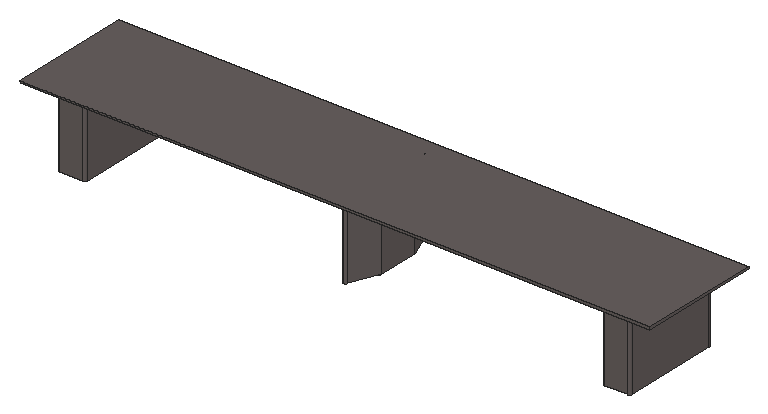
Revit family "Table-Teknion-CFTSTS_Figure_Table_Rectangular_Softened_Panel_Subtop-R2023", category Furniture, Revit 2023 (continued)
Definition of nested family "Hexa Panel"
  Dimensions and locks (in)
    locked: Revolve 6 sketch curve to plane 2 at 0.25
    Revolve 6 sketch curve to Revolve 6 sketch curve to plane 5 "Right" = 0.500" locked, 1.09057" locked
    locked: Revolve 6 sketch curve to plane 5 "Right" at 1.09057
    Revolve 7 sketch curve to Revolve 7 sketch curve to plane 4 "Left" = 0.500" locked, 0.59057" locked
    locked: Revolve 7 sketch curve to plane 2 at 0.25
    locked: plane 4 "Left" to Revolve 7 sketch curve at 1.09057
    locked: Revolve 9 sketch curve to plane 2 at 0.25
    locked: plane 3 "Center Left/Right" to Revolve 9 sketch curve at 0.5
    locked: Revolve 8 sketch curve to plane 2 at 0.25
    Revolve 8 sketch curve to Revolve 8 sketch curve to plane 5 "Right" = 0.500" locked, 1.09057" locked
    locked: Revolve 8 sketch curve to plane 5 "Right" at 1.09057
    locked: Sweep 10 sketch curve to plane 2 at 0.25
    Sweep 10 sketch curve to Sweep 10 sketch curve to Sweep 10 sketch curve to plane 3 "Center Left/Right" to Sweep 10 sketch curve to Sweep 10 sketch curve to Sweep 10 sketch curve = 0.18042" locked, 0.000" locked, 0.18042" locked, 0.18042" locked, 0.000" locked, 0.18042" locked  (x2)
    Sweep 10 sketch curve to plane 9 "1" to Sweep 10 sketch curve = 0.3125" locked, 0.3125" locked
    plane 4 "Left" to Sweep 10 sketch curve to Sweep 10 sketch curve to Sweep 10 sketch curve to Sweep 10 sketch curve to Sweep 10 sketch curve to Sweep 10 sketch curve = 0.72972" locked, 0.18042" locked, 0.000" locked, 0.36084" locked, 0.000" locked, 0.18042" locked  (x2)
    Sweep 10 sketch curve to Sweep 10 sketch curve to Sweep 10 sketch curve to Sweep 10 sketch curve to Sweep 10 sketch curve to Sweep 10 sketch curve to plane 5 "Right" = 0.18042" locked, 0.000" locked, 0.36084" locked, 0.000" locked, 0.18042" locked, 0.72972" locked  (x2)
    Sweep 10 sketch curve to plane 10 "2" to Sweep 10 sketch curve = 0.3125" locked, 0.3125" locked  (x2)
    Sweep 10 sketch curve to plane 12 "3" to Sweep 10 sketch curve = 0.3125" locked, 0.3125" locked  (x2)
    Sweep 10 sketch curve to plane 11 "4" to Sweep 10 sketch curve = 0.3125" locked, 0.3125" locked
    aligned and locked: level to plane 2
    aligned and locked: Sweep 1 sketch curve to plane 3 "Center Left/Right"
    aligned and locked: plane 8 "Top" to Sweep 1 sketch curve
    aligned and locked: plane 13 to Sweep 1 sketch curve
    aligned and locked: plane 6 "Back" to Sweep 1 sketch curve
    aligned and locked: plane 7 "Front" to Sweep 1 sketch curve
    aligned and locked: Sweep 2 sketch curve to plane 3 "Center Left/Right"
    aligned and locked: Sweep 3 sketch curve to plane 3 "Center Left/Right"
    aligned and locked: plane 2 to Revolve 4 sketch curve
    aligned and locked: Revolve 4 sketch curve to plane 3 "Center Left/Right"  (x2)
    aligned and locked: plane 2 to Revolve 5 sketch curve
    aligned and locked: plane 2 to Revolve 6 sketch curve
    aligned and locked: plane 2 to Revolve 7 sketch curve
    aligned and locked: plane 2 to Revolve 9 sketch curve
    aligned and locked: Revolve 9 sketch curve to plane 3 "Center Left/Right"  (x2)
    aligned and locked: plane 2 to Revolve 8 sketch curve
    aligned and locked: plane 13 to Sweep 10 sketch curve
    aligned and locked: Sweep 10 sketch curve to plane 3 "Center Left/Right"
    aligned and locked: plane 9 "1" to Sweep 10 sketch curve  (x2)
    aligned and locked: plane 10 "2" to Sweep 10 sketch curve  (x4)
    aligned and locked: plane 12 "3" to Sweep 10 sketch curve  (x4)
    aligned and locked: plane 11 "4" to Sweep 10 sketch curve  (x2)
    aligned and locked: curve 1 to cut or joined group of Sweep 1, Sweep 2, Sweep 3, Sweep 11, Sweep 12, Sweep 13, Sweep 14
    aligned and locked: curve 3 to cut or joined group of Sweep 1, Sweep 2, Sweep 3, Sweep 11, Sweep 12, Sweep 13, Sweep 14
    aligned and locked: curve 4 to cut or joined group of Sweep 1, Sweep 2, Sweep 3, Sweep 11, Sweep 12, Sweep 13, Sweep 14
    aligned and locked: curve 5 to cut or joined group of Sweep 1, Sweep 2, Sweep 3, Sweep 11, Sweep 12, Sweep 13, Sweep 14
    aligned and locked: curve 6 to cut or joined group of Sweep 1, Sweep 2, Sweep 3, Sweep 11, Sweep 12, Sweep 13, Sweep 14
    aligned and locked: curve 7 to cut or joined group of Sweep 1, Sweep 2, Sweep 3, Sweep 11, Sweep 12, Sweep 13, Sweep 14
    aligned and locked: curve 9 to cut or joined group of Sweep 1, Sweep 2, Sweep 3, Sweep 11, Sweep 12, Sweep 13, Sweep 14
    aligned and locked: curve 10 to cut or joined group of Sweep 1, Sweep 2, Sweep 3, Sweep 11, Sweep 12, Sweep 13, Sweep 14
    aligned and locked: curve 11 to cut or joined group of Sweep 1, Sweep 2, Sweep 3, Sweep 11, Sweep 12, Sweep 13, Sweep 14
    aligned and locked: curve 12 to cut or joined group of Sweep 1, Sweep 2, Sweep 3, Sweep 11, Sweep 12, Sweep 13, Sweep 14
    aligned and locked: curve 13 to cut or joined group of Sweep 1, Sweep 2, Sweep 3, Sweep 11, Sweep 12, Sweep 13, Sweep 14
    aligned and locked: curve 14 to cut or joined group of Sweep 1, Sweep 2, Sweep 3, Sweep 11, Sweep 12, Sweep 13, Sweep 14
    aligned and locked: curve 15 to cut or joined group of Sweep 1, Sweep 2, Sweep 3, Sweep 11, Sweep 12, Sweep 13, Sweep 14
    aligned and locked: curve 16 to cut or joined group of Sweep 1, Sweep 2, Sweep 3, Sweep 11, Sweep 12, Sweep 13, Sweep 14
    aligned and locked: curve 17 to cut or joined group of Sweep 1, Sweep 2, Sweep 3, Sweep 11, Sweep 12, Sweep 13, Sweep 14
    aligned and locked: curve 18 to cut or joined group of Sweep 1, Sweep 2, Sweep 3, Sweep 11, Sweep 12, Sweep 13, Sweep 14
    aligned and locked: curve 19 to cut or joined group of Sweep 1, Sweep 2, Sweep 3, Sweep 11, Sweep 12, Sweep 13, Sweep 14
    aligned and locked: curve 21 to cut or joined group of Sweep 1, Sweep 2, Sweep 3, Sweep 11, Sweep 12, Sweep 13, Sweep 14
    aligned and locked: curve 22 to cut or joined group of Sweep 1, Sweep 2, Sweep 3, Sweep 11, Sweep 12, Sweep 13, Sweep 14
    aligned and locked: curve 24 to cut or joined group of Sweep 1, Sweep 2, Sweep 3, Sweep 11, Sweep 12, Sweep 13, Sweep 14
    aligned and locked: curve 25 to cut or joined group of Sweep 1, Sweep 2, Sweep 3, Sweep 11, Sweep 12, Sweep 13, Sweep 14
    aligned and locked: curve 26 to cut or joined group of Sweep 1, Sweep 2, Sweep 3, Sweep 11, Sweep 12, Sweep 13, Sweep 14
    aligned and locked: curve 27 to cut or joined group of Sweep 1, Sweep 2, Sweep 3, Sweep 11, Sweep 12, Sweep 13, Sweep 14
    aligned and locked: curve 28 to cut or joined group of Sweep 1, Sweep 2, Sweep 3, Sweep 11, Sweep 12, Sweep 13, Sweep 14
    aligned and locked: curve 29 to cut or joined group of Revolve 4, Revolve 5, Revolve 6, Revolve 7, Revolve 8, Revolve 9, Sweep 10
    aligned and locked: curve 30 to cut or joined group of Revolve 4, Revolve 5, Revolve 6, Revolve 7, Revolve 8, Revolve 9, Sweep 10
    aligned and locked: curve 31 to cut or joined group of Revolve 4, Revolve 5, Revolve 6, Revolve 7, Revolve 8, Revolve 9, Sweep 10
    aligned and locked: curve 32 to cut or joined group of Revolve 4, Revolve 5, Revolve 6, Revolve 7, Revolve 8, Revolve 9, Sweep 10
    aligned and locked: curve 33 to cut or joined group of Revolve 4, Revolve 5, Revolve 6, Revolve 7, Revolve 8, Revolve 9, Sweep 10
    aligned and locked: curve 34 to cut or joined group of Revolve 4, Revolve 5, Revolve 6, Revolve 7, Revolve 8, Revolve 9, Sweep 10
    aligned and locked: curve 35 to cut or joined group of Revolve 4, Revolve 5, Revolve 6, Revolve 7, Revolve 8, Revolve 9, Sweep 10
    aligned and locked: curve 36 to cut or joined group of Revolve 4, Revolve 5, Revolve 6, Revolve 7, Revolve 8, Revolve 9, Sweep 10
    aligned and locked: curve 37 to cut or joined group of Revolve 4, Revolve 5, Revolve 6, Revolve 7, Revolve 8, Revolve 9, Sweep 10
    aligned and locked: curve 38 to cut or joined group of Revolve 4, Revolve 5, Revolve 6, Revolve 7, Revolve 8, Revolve 9, Sweep 10
    aligned and locked: curve 39 to cut or joined group of Revolve 4, Revolve 5, Revolve 6, Revolve 7, Revolve 8, Revolve 9, Sweep 10
    aligned and locked: curve 40 to cut or joined group of Revolve 4, Revolve 5, Revolve 6, Revolve 7, Revolve 8, Revolve 9, Sweep 10
    aligned and locked: curve 41 to cut or joined group of Revolve 4, Revolve 5, Revolve 6, Revolve 7, Revolve 8, Revolve 9, Sweep 10
    aligned and locked: curve 42 to cut or joined group of Revolve 4, Revolve 5, Revolve 6, Revolve 7, Revolve 8, Revolve 9, Sweep 10
    aligned and locked: curve 43 to cut or joined group of Revolve 4, Revolve 5, Revolve 6, Revolve 7, Revolve 8, Revolve 9, Sweep 10
    aligned and locked: curve 44 to cut or joined group of Revolve 4, Revolve 5, Revolve 6, Revolve 7, Revolve 8, Revolve 9, Sweep 10
    aligned and locked: curve 45 to cut or joined group of Revolve 4, Revolve 5, Revolve 6, Revolve 7, Revolve 8, Revolve 9, Sweep 10
    aligned and locked: curve 46 to cut or joined group of Revolve 4, Revolve 5, Revolve 6, Revolve 7, Revolve 8, Revolve 9, Sweep 10
    aligned and locked: curve 47 to cut or joined group of Revolve 4, Revolve 5, Revolve 6, Revolve 7, Revolve 8, Revolve 9, Sweep 10
    aligned and locked: curve 48 to cut or joined group of Revolve 4, Revolve 5, Revolve 6, Revolve 7, Revolve 8, Revolve 9, Sweep 10
    aligned and locked: curve 49 to cut or joined group of Revolve 4, Revolve 5, Revolve 6, Revolve 7, Revolve 8, Revolve 9, Sweep 10
    aligned and locked: curve 50 to cut or joined group of Revolve 4, Revolve 5, Revolve 6, Revolve 7, Revolve 8, Revolve 9, Sweep 10
    aligned and locked: curve 51 to cut or joined group of Revolve 4, Revolve 5, Revolve 6, Revolve 7, Revolve 8, Revolve 9, Sweep 10
    aligned and locked: curve 52 to cut or joined group of Revolve 4, Revolve 5, Revolve 6, Revolve 7, Revolve 8, Revolve 9, Sweep 10
    aligned and locked: curve 53 to cut or joined group of Revolve 4, Revolve 5, Revolve 6, Revolve 7, Revolve 8, Revolve 9, Sweep 10
    aligned and locked: curve 54 to cut or joined group of Revolve 4, Revolve 5, Revolve 6, Revolve 7, Revolve 8, Revolve 9, Sweep 10
    aligned and locked: curve 55 to cut or joined group of Revolve 4, Revolve 5, Revolve 6, Revolve 7, Revolve 8, Revolve 9, Sweep 10
    aligned and locked: curve 56 to cut or joined group of Revolve 4, Revolve 5, Revolve 6, Revolve 7, Revolve 8, Revolve 9, Sweep 10
    aligned and locked: curve 57 to cut or joined group of Revolve 4, Revolve 5, Revolve 6, Revolve 7, Revolve 8, Revolve 9, Sweep 10
    aligned and locked: curve 58 to cut or joined group of Revolve 4, Revolve 5, Revolve 6, Revolve 7, Revolve 8, Revolve 9, Sweep 10
    aligned and locked: curve 59 to cut or joined group of Revolve 4, Revolve 5, Revolve 6, Revolve 7, Revolve 8, Revolve 9, Sweep 10
    aligned and locked: curve 60 to cut or joined group of Revolve 4, Revolve 5, Revolve 6, Revolve 7, Revolve 8, Revolve 9, Sweep 10
    aligned and locked: curve 61 to cut or joined group of Revolve 4, Revolve 5, Revolve 6, Revolve 7, Revolve 8, Revolve 9, Sweep 10
    aligned and locked: curve 62 to cut or joined group of Revolve 4, Revolve 5, Revolve 6, Revolve 7, Revolve 8, Revolve 9, Sweep 10
    aligned and locked: curve 63 to cut or joined group of Revolve 4, Revolve 5, Revolve 6, Revolve 7, Revolve 8, Revolve 9, Sweep 10
    aligned and locked: curve 64 to cut or joined group of Revolve 4, Revolve 5, Revolve 6, Revolve 7, Revolve 8, Revolve 9, Sweep 10
    aligned and locked: curve 65 to cut or joined group of Revolve 4, Revolve 5, Revolve 6, Revolve 7, Revolve 8, Revolve 9, Sweep 10
    aligned and locked: curve 66 to cut or joined group of Revolve 4, Revolve 5, Revolve 6, Revolve 7, Revolve 8, Revolve 9, Sweep 10
    aligned and locked: curve 67 to cut or joined group of Revolve 4, Revolve 5, Revolve 6, Revolve 7, Revolve 8, Revolve 9, Sweep 10
    aligned and locked: curve 68 to cut or joined group of Revolve 4, Revolve 5, Revolve 6, Revolve 7, Revolve 8, Revolve 9, Sweep 10
    aligned and locked: curve 69 to cut or joined group of Revolve 4, Revolve 5, Revolve 6, Revolve 7, Revolve 8, Revolve 9, Sweep 10
    aligned and locked: curve 70 to cut or joined group of Revolve 4, Revolve 5, Revolve 6, Revolve 7, Revolve 8, Revolve 9, Sweep 10
    aligned and locked: curve 71 to cut or joined group of Revolve 4, Revolve 5, Revolve 6, Revolve 7, Revolve 8, Revolve 9, Sweep 10
    aligned and locked: curve 72 to cut or joined group of Revolve 4, Revolve 5, Revolve 6, Revolve 7, Revolve 8, Revolve 9, Sweep 10
    aligned and locked: curve 73 to cut or joined group of Revolve 4, Revolve 5, Revolve 6, Revolve 7, Revolve 8, Revolve 9, Sweep 10
    aligned and locked: curve 74 to cut or joined group of Revolve 4, Revolve 5, Revolve 6, Revolve 7, Revolve 8, Revolve 9, Sweep 10
    aligned and locked: curve 75 to cut or joined group of Revolve 4, Revolve 5, Revolve 6, Revolve 7, Revolve 8, Revolve 9, Sweep 10
    aligned and locked: curve 76 to cut or joined group of Revolve 4, Revolve 5, Revolve 6, Revolve 7, Revolve 8, Revolve 9, Sweep 10
    aligned and locked: plane 7 "Front" to curve 77
    aligned and locked: plane 8 "Top" to Sweep 11 sketch curve
  Automatic sketch dimensions
    Sweep 1 sketch curve to profile plane = 0.000"  (x2)
    Sweep 3 sketch curve to profile plane = 0.000"  (x2)
    Revolve 4 sketch curve to level = 0.69828"
    plane 13 to Revolve 4 sketch curve = 0.15926"
    Revolve 5 sketch curve to plane 13 = 0.07146"
    Revolve 5 sketch curve to level = 0.48144"
    Revolve 6 sketch curve to plane 13 = 0.0769"
    Revolve 6 sketch curve to level = 0.3269"
    level to Revolve 7 sketch curve = 0.23252"
    plane 13 to Revolve 7 sketch curve = 0.09564"
    level to Revolve 9 sketch curve = 0.54196"
    Revolve 9 sketch curve to plane 13 = 0.1177"
    level to Revolve 8 sketch curve = 0.45393"
    plane 13 to Revolve 8 sketch curve = 0.08613"
    curve 4 to plane 3 "Center Left/Right" = 0.000"
    curve 9 to plane 3 "Center Left/Right" = 0.000"
    curve 5 to curve 13 = 0.02292"
    curve 14 to curve 2 = 0.02292"
    curve 23 to curve 24 = 0.000"
    curve 25 to plane 3 "Center Left/Right" = 0.000"
    plane 10 "2" to curve 19 = 0.19941"
    curve 28 to plane 3 "Center Left/Right" = 0.000"
    plane 11 "4" to curve 65 = 0.000"
    plane 11 "4" to curve 66 = 0.000"
    plane 12 "3" to curve 67 = 0.000"
    plane 12 "3" to curve 68 = 0.000"
    plane 12 "3" to curve 69 = 0.000"
    plane 12 "3" to curve 70 = 0.000"
    curve 71 to plane 10 "2" = 0.000"
    curve 72 to plane 10 "2" = 0.000"
    curve 73 to plane 10 "2" = 0.000"
    curve 74 to plane 10 "2" = 0.000"
    curve 75 to plane 9 "1" = 0.000"  (x2)
    curve 3 to curve 16 = 0.02969"
    curve 16 to curve 4 = 0.02969"
    curve 10 to curve 11 = 0.02969"
    curve 11 to curve 9 = 0.02969"
    curve 2 to plane 6 "Back" = 0.000"
    curve 1 to plane 6 "Back" = 0.000"
    Sweep 11 sketch curve to plane 1 "Center Front/Back" = 0.000"
    Sweep 11 sketch curve to plane 4 "Left" = 3.000"
    Sweep 11 sketch curve to plane 5 "Right" = 3.000"
    Sweep 12 sketch curve to plane 1 "Center Front/Back" = 0.000"
    Sweep 12 sketch curve to plane 4 "Left" = 3.250"
    Sweep 12 sketch curve to plane 3 "Center Left/Right" = 1.000"
    Sweep 13 sketch curve to plane 3 "Center Left/Right" = 0.000"
    Sweep 13 sketch curve to level = 4.500"
    plane 13 to Sweep 13 sketch curve = 5.000"
    plane 1 "Center Front/Back" to Sweep 13 sketch curve = 0.000"
    Sweep 13 sketch curve to profile plane = 0.000"
    profile plane to Sweep 11 sketch curve = 5.000"
    Sweep 11 sketch curve to Sweep 11 sketch curve = 0.500"  (x2)
    Sweep 11 sketch curve to profile plane = 4.500"
    Sweep 11 sketch curve to Sweep 11 sketch curve = 2.250"
    profile plane to Sweep 12 sketch curve = 4.000"
    Sweep 12 sketch curve to Sweep 12 sketch curve = 0.100"  (x3)
    Sweep 12 sketch curve to Sweep 12 sketch curve = 0.500"
    Sweep 12 sketch curve to profile plane = 3.500"
    Sweep 12 sketch curve to profile plane = 3.900"
    level to Sweep 12 sketch curve = 4.500"
    Sweep 12 sketch curve to Sweep 12 sketch curve = 16.650"
    Sweep 12 sketch curve to Sweep 12 sketch curve = 0.750"
    Sweep 14 sketch curve to plane 1 "Center Front/Back" = 0.000"
    Sweep 14 sketch curve to plane 4 "Left" = 3.000"
    Sweep 14 sketch curve to plane 5 "Right" = 2.250"
    radius of Sweep 13 sketch curve = 4.11878"
Definition of nested family "Teknion_2D_Node_Family-R2021"
  Reference planes (in)
    plane 1 "Center (Front/Back)": y = 0
    plane 2: z = 0
    plane 3 "Center (Left/Right)": x = 0
  Lines and regions (in)
    detail lines, in view "Ref. Level"
      curve 1: circle (0, 0, 0) r 1.25 normal (0, 0, 1)
      curve 2: line (1.91508, -1.91508, 0) -> (-1.91508, 1.91508, 0)
      curve 3: line (-1.91508, -1.91508, 0) -> (1.91508, 1.91508, 0)
